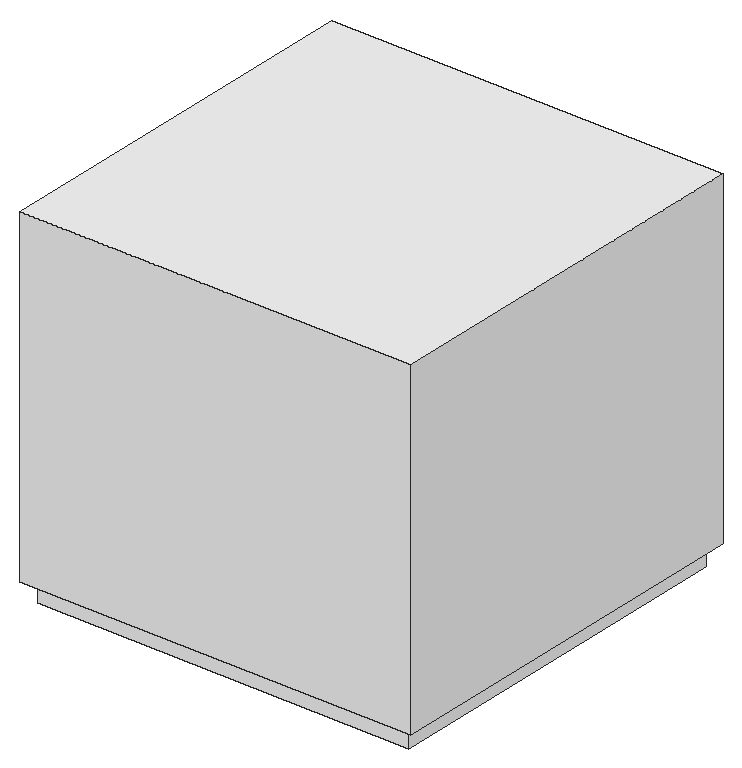
Revit family
Parameters
  URL = "http://www.martinbrattrud.com"
  SCS Certified Product = "Yes"
  Model = "Cor-Bitz 741-20S"
  Manufacturer = "Martin Brattrud, Inc."
  Foot [instance] = none
  Keynote = "125000"
  Copyright = "© 2013 Martin Brattrud, Inc."
  Table [instance] = none
  Authoring Version = "Revit Architecture 2010"
  Assembly Code = "E2020200"
Reference planes (in)
  plane 1 "Center Front/Back": y = 0
  plane 2: z = 0
  plane 3 "Center Left/Right": x = 0
Forms (in)
  Extrusion 1, solid, material <- "Table"
    sketch origin (0, 0, 0) x (1, 0, 0) y (0, 1, 0)
      loop
        line (-10, 10) -> (-10, -10) -> (10, -10) -> (10, 10) -> (-10, 10)
    from 1.25 to 18.25
  Extrusion 2, solid, material <- "Foot"
    sketch origin (0, 0, 0) x (1, 0, 0) y (0, 1, 0)
      loop
        line (-9.5, 9.5) -> (-9.5, -9.5) -> (9.51704, -9.5) -> (9.51704, 9.5) -> (-9.5, 9.5)
    from 0.25 to 1.25
  Revolve 3, solid, material <- "Foot"
    sketch origin (8.125, 8.17487, 0) x (-1, 0, 0) y (0, 0, -1)
      loop
        arc (-0.2498, 0) -> (-0.33833, -0.03667) -> (-0.375, -0.1252) r 0.1252
        line (-0.375, -0.1252) -> (-0.375, -0.25) -> (0, -0.25) -> (0, 0) -> (-0.2498, 0)
      axis (0, -0.25) -> (0, 0)
    angle from 0 to 360
  Revolve 4, solid, material <- "Foot"
    sketch origin (-8.125, 8.17487, 0) x (-1, 0, 0) y (0, 0, -1)
      loop
        arc (-0.2498, 0) -> (-0.33833, -0.03667) -> (-0.375, -0.1252) r 0.1252
        line (-0.375, -0.1252) -> (-0.375, -0.25) -> (0, -0.25) -> (0, 0) -> (-0.2498, 0)
      axis (0, -0.25) -> (0, 0)
    angle from 0 to 360
  Revolve 5, solid, material <- "Foot"
    sketch origin (8.125, -8.125, 0) x (-1, 0, 0) y (0, 0, -1)
      loop
        arc (-0.2498, 0) -> (-0.33833, -0.03667) -> (-0.375, -0.1252) r 0.1252
        line (-0.375, -0.1252) -> (-0.375, -0.25) -> (0, -0.25) -> (0, 0) -> (-0.2498, 0)
      axis (0, -0.25) -> (0, 0)
    angle from 0 to 360
  Revolve 6, solid, material <- "Foot"
    sketch origin (-8.125, -8.125, 0) x (-1, 0, 0) y (0, 0, -1)
      loop
        arc (-0.2498, 0) -> (-0.33833, -0.03667) -> (-0.375, -0.1252) r 0.1252
        line (-0.375, -0.1252) -> (-0.375, -0.25) -> (0, -0.25) -> (0, 0) -> (-0.2498, 0)
      axis (0, -0.25) -> (0, 0)
    angle from 0 to 360
